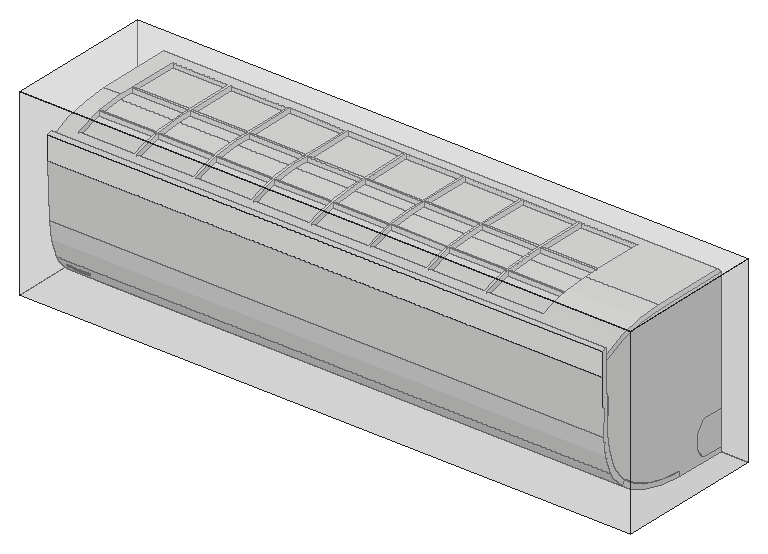
Revit family "outputfile", category 機械設備, Revit 2024 (continued)
Definition of nested family "DAIKIN_indoorunit_CTKM-RVM4"
  Automatic sketch dimensions
    Extrusion 22 sketch curve to Extrusion 22 sketch curve = 20.0 mm  (x2)
    Extrusion 22 sketch curve to level = 287.035 mm
    Extrusion 23 sketch curve to plane 1 "Center (Front/Back)" = 0.0 mm
    Extrusion 23 sketch curve to Extrusion 23 sketch curve = 20.0 mm  (x2)
    Extrusion 23 sketch curve to level = 287.035 mm
    plane 1 "Center (Front/Back)" to Extrusion 24 sketch curve = 0.0 mm  (x2)
    plane 3 "Center (Left/Right)" to Extrusion 24 sketch curve = 469.0 mm
    Extrusion 24 sketch curve to Extrusion 24 sketch curve = 20.0 mm  (x4)
    Extrusion 24 sketch curve to plane 3 "Center (Left/Right)" = 409.0 mm
  Nested families
    nested 1: "daikin_logo_plane_w40" at (-320, -198.871, -233.244) x (1, 0, 0) z (0, -0.7841, -0.6206), visible <- "switch_unit1_25-35", type "daikin_logo_plane_w40"
      with show_logo yes
    nested 2: "daikin_logo_plane_w40" at (-430, -237.74, -233.244) x (1, 0, 0) z (0, -0.7841, -0.6206), visible <- "switch_unit1_50-60", type "daikin_logo_plane_w40"
      with show_logo yes
  Definition of nested family "daikin_logo_plane_w40"
    Parameters (values of type "daikin_logo_plane_w40")
      width = 40.0 mm
      show_logo [instance] = yes
      material = none
      height = 0.0 mm
      depth = 0.0 mm
      Default Elevation = 1219.2 mm
    Reference planes
      plane 1 "Center (Front/Back)": y = 0
      plane 2: z = 0
      plane 3 "Center (Left/Right)": x = 0
      plane 4: z = 2
      plane 5 "left": x = -19
      plane 6: x = 19
    Forms (mm)
      Extrusion 1, solid, visible <- "show_logo"
        sketch origin (-19, 0, 0) x (1, 0, 0) y (0, 1, 0)
          loop
            line (8.902, -1.878) -> (7.789, -6.332) -> (11.13, -6.332)
            arc (11.13, -6.332) -> (12.454, -6.064) -> (13.472, -5.176) r 2.642
            arc (13.472, -5.176) -> (13.92, -4.02) -> (13.767, -2.79) r 2.537
            arc (13.767, -2.79) -> (13.452, -2.342) -> (12.982, -2.06) r 1.321
            arc (12.982, -2.06) -> (12.063, -1.902) -> (11.13, -1.878) r 6.479
            line (11.13, -1.878) -> (8.902, -1.878)
          loop
            line (10.016, -5.441) -> (10.907, -5.441)
            arc (10.907, -5.441) -> (11.591, -4.983) -> (11.988, -4.261) r 1.742
            spline (11.988, -4.261) -> (12.01, -4.155) -> (12.027, -4.03) -> (12.037, -3.893) -> (12.037, -3.747) -> (12.026, -3.598) -> (12.002, -3.451) -> (11.962, -3.31) -> (11.905, -3.181) -> (11.829, -3.069) -> (11.731, -2.978) -> (11.61, -2.913) -> (11.464, -2.88)
            line (11.464, -2.88) -> (10.573, -2.88) -> (10.016, -5.441)
          loop
            line (13.58, -6.332) -> (14.805, -6.332) -> (15.223, -5.553) -> (16.977, -5.553) -> (17.144, -6.332) -> (19.149, -6.332) -> (18.258, -1.878) -> (16.03, -1.878) -> (13.58, -6.332)
          loop
            line (16.476, -3.214) -> (15.76, -4.551) -> (16.762, -4.551) -> (16.476, -3.214)
          loop
            line (19.705, -6.332) -> (21.599, -6.332) -> (22.712, -1.878) -> (20.819, -1.878) -> (19.705, -6.332)
          loop
            line (22.712, -6.332) -> (24.606, -6.332) -> (24.908, -5.122) -> (25.831, -6.332) -> (28.17, -6.332) -> (26.388, -3.994) -> (28.949, -1.878) -> (26.945, -1.878) -> (25.401, -3.153) -> (25.719, -1.878) -> (23.826, -1.878) -> (22.712, -6.332)
          loop
            line (29.84, -1.878) -> (28.615, -6.332) -> (30.62, -6.332) -> (31.734, -1.878) -> (29.84, -1.878)
          loop
            line (31.734, -6.332) -> (33.07, -6.332) -> (33.7, -3.814) -> (34.518, -6.332) -> (36.745, -6.332) -> (37.859, -1.878) -> (36.523, -1.878) -> (35.845, -4.589) -> (34.963, -1.878) -> (32.847, -1.878) -> (31.734, -6.332)
        from 0 to 2
      Extrusion 2, solid, visible <- "show_logo"
        sketch origin (-19, 0, 0) x (1, 0, 0) y (0, 1, 0)
          loop
            line (8.7, 0) -> (4.235, 0) -> (0, -3.879) -> (0, -8) -> (8.7, 0)
        from 0 to 2
      Extrusion 3, solid, visible <- "show_logo"
        sketch origin (-19, 0, 0) x (1, 0, 0) y (0, 1, 0)
          loop
            line (0, 0) -> (0, -3.879) -> (4.235, 0) -> (0, 0)
        from 0 to 2
    Dimensions and locks
      plane 4 to plane 2 = 2.0 mm
      equal spacing: plane 5 "left", plane 3 "Center (Left/Right)", plane 6
      locked: plane 5 "left" to plane 6 at 38
      aligned and locked: level to plane 2
      aligned and locked: Extrusion 3 to plane 1 "Center (Front/Back)"  (x2)
      aligned and locked: Extrusion 2 to plane 1 "Center (Front/Back)"  (x2)
      aligned and locked: plane 4 to Extrusion 1
      aligned and locked: plane 4 to Extrusion 3
      aligned and locked: plane 4 to Extrusion 2
      aligned and locked: Extrusion 3 to plane 5 "left"
      aligned and locked: Extrusion 2 to plane 5 "left"
    Automatic sketch dimensions
      Extrusion 1 sketch curve to Extrusion 1 sketch curve = 0.901 mm
      Extrusion 1 sketch curve to Extrusion 1 sketch curve = 1.559 mm
      Extrusion 1 sketch curve to Extrusion 1 sketch curve = 1.327 mm
      Extrusion 1 sketch curve to Extrusion 1 sketch curve = 2.145 mm
      Extrusion 1 sketch curve to Extrusion 1 sketch curve = 1.448 mm
      Extrusion 1 sketch curve to Extrusion 1 sketch curve = 2.116 mm
      Extrusion 1 sketch curve to Extrusion 1 sketch curve = 1.114 mm  (x4)
      Extrusion 1 sketch curve to Extrusion 1 sketch curve = 1.336 mm  (x2)
      plane 1 "Center (Front/Back)" to Extrusion 1 sketch curve = 1.878 mm  (x5)
      Extrusion 1 sketch curve to Extrusion 1 sketch curve = 1.893 mm  (x5)
      Extrusion 1 sketch curve to Extrusion 1 sketch curve = 0.891 mm  (x4)
      Extrusion 1 sketch curve to Extrusion 1 sketch curve = 2.005 mm  (x3)
      Extrusion 1 sketch curve to Extrusion 1 sketch curve = 0.445 mm  (x2)
      plane 1 "Center (Front/Back)" to Extrusion 1 sketch curve = 3.994 mm
      Extrusion 1 sketch curve to Extrusion 1 sketch curve = 0.557 mm  (x2)
      Extrusion 1 sketch curve to Extrusion 1 sketch curve = 2.339 mm  (x2)
      Extrusion 1 sketch curve to Extrusion 1 sketch curve = 1.225 mm  (x3)
      plane 1 "Center (Front/Back)" to Extrusion 1 sketch curve = 3.153 mm
      Extrusion 1 sketch curve to Extrusion 1 sketch curve = 0.987 mm
      plane 1 "Center (Front/Back)" to Extrusion 1 sketch curve = 5.122 mm
      Extrusion 1 sketch curve to Extrusion 1 sketch curve = 0.922 mm
      plane 1 "Center (Front/Back)" to Extrusion 1 sketch curve = 6.332 mm
      Extrusion 1 sketch curve to Extrusion 1 sketch curve = 2.562 mm
      plane 1 "Center (Front/Back)" to Extrusion 1 sketch curve = 5.553 mm
      Extrusion 1 sketch curve to Extrusion 1 sketch curve = 0.167 mm
      Extrusion 1 sketch curve to Extrusion 1 sketch curve = 0.215 mm
      plane 1 "Center (Front/Back)" to Extrusion 1 sketch curve = 3.214 mm
      Extrusion 1 sketch curve to Extrusion 1 sketch curve = 0.286 mm
      plane 1 "Center (Front/Back)" to Extrusion 1 sketch curve = 4.551 mm
      Extrusion 1 sketch curve to Extrusion 1 sketch curve = 1.002 mm
      Extrusion 1 sketch curve to Extrusion 1 sketch curve = 0.537 mm
      Extrusion 1 sketch curve to Extrusion 1 sketch curve = 0.418 mm
      Extrusion 1 sketch curve to Extrusion 1 sketch curve = 1.028 mm
      plane 1 "Center (Front/Back)" to Extrusion 1 sketch curve = 4.261 mm
      Extrusion 1 sketch curve to Extrusion 1 sketch curve = 0.563 mm
      plane 1 "Center (Front/Back)" to Extrusion 1 sketch curve = 2.88 mm
      Extrusion 1 sketch curve to Extrusion 1 sketch curve = 1.088 mm
      Extrusion 1 sketch curve to Extrusion 1 sketch curve = 2.152 mm
      Extrusion 1 sketch curve to Extrusion 1 sketch curve = 0.586 mm
      Extrusion 1 sketch curve to Extrusion 1 sketch curve = 0.118 mm
      Extrusion 1 sketch curve to Extrusion 1 sketch curve = 0.298 mm
      Extrusion 1 sketch curve to Extrusion 1 sketch curve = 0.334 mm
      Extrusion 1 sketch curve to Extrusion 1 sketch curve = 0.223 mm
      Extrusion 1 sketch curve to Extrusion 1 sketch curve = 0.266 mm
      Extrusion 1 sketch curve to Extrusion 1 sketch curve = 1.671 mm
      Extrusion 1 sketch curve to Extrusion 1 sketch curve = 2.227 mm
      Extrusion 1 sketch curve to Extrusion 1 sketch curve = 0.0 mm  (x7)
      Extrusion 1 sketch curve to Extrusion 1 sketch curve = 3.453 mm
      Extrusion 1 sketch curve to Extrusion 1 sketch curve = 2.017 mm
      Extrusion 1 sketch curve to Extrusion 1 sketch curve = 0.78 mm  (x2)
      Extrusion 1 sketch curve to Extrusion 1 sketch curve = 1.743 mm
      Extrusion 1 sketch curve to Extrusion 1 sketch curve = 0.775 mm
      Extrusion 1 sketch curve to Extrusion 1 sketch curve = 0.552 mm
      Extrusion 1 sketch curve to Extrusion 1 sketch curve = 0.014 mm
      Extrusion 1 sketch curve to Extrusion 1 sketch curve = 0.952 mm
      Extrusion 1 sketch curve to Extrusion 1 sketch curve = 1.215 mm
      Extrusion 1 sketch curve to Extrusion 1 sketch curve = 0.108 mm
      plane 1 "Center (Front/Back)" to Extrusion 2 sketch curve = 0.0 mm
      Extrusion 2 sketch curve to plane 3 "Center (Left/Right)" = 19.0 mm
      Extrusion 2 sketch curve to plane 3 "Center (Left/Right)" = 14.765 mm
      Extrusion 2 sketch curve to Extrusion 2 sketch curve = 4.465 mm
      plane 1 "Center (Front/Back)" to Extrusion 2 sketch curve = 3.879 mm
      Extrusion 2 sketch curve to Extrusion 2 sketch curve = 4.12 mm
      plane 1 "Center (Front/Back)" to Extrusion 3 sketch curve = 0.0 mm
      Extrusion 3 sketch curve to plane 3 "Center (Left/Right)" = 19.0 mm
      Extrusion 3 sketch curve to plane 3 "Center (Left/Right)" = 14.765 mm
      plane 1 "Center (Front/Back)" to Extrusion 3 sketch curve = 3.879 mm
      Extrusion 1 sketch curve to plane 3 "Center (Left/Right)" = 11.211 mm
      Extrusion 1 sketch curve to Extrusion 1 sketch curve = 1.782 mm
Definition of nested family "daikin_connector_rotate3"
  Parameters (values of type "daikin_connector_rotate3")
    show [instance] = yes
    radius [instance] = 10.0 mm
    length [instance] = 600.0 mm
    angle_horizontal [instance] = 60.00°
    angle_vertical [instance] = 90.00°
    Default Elevation = 1219.2 mm
  Reference planes
    plane 1 "Center (Front/Back)": y = 0
    plane 2: z = 0
    plane 3 "Center (Left/Right)": x = 0
  Dimensions and locks
    "angle_horizontal": angle plane 3 "Center (Left/Right)" to nested 1
    aligned and locked: level to plane 2
    aligned and locked: plane 1 "Center (Front/Back)" to nested 1  (x2)
    aligned and locked: plane 3 "Center (Left/Right)" to nested 1
  Nested families
    nested 1: "daikin_connector_rotate2" at (0, 0, 0) x (0.5, 0.866, 0) z (0, 0, 1), angle_vertical <- "angle_vertical", length <- "length", radius <- "radius", type "daikin_connector_rotate2"
      with radius 10.0 mm, length 600.0 mm, angle_vertical 90.00°
  Definition of nested family "daikin_connector_rotate2"
    Parameters (values of type "daikin_connector_rotate2")
      show_face = yes
      radius [instance] = 10.0 mm
      length [instance] = 600.0 mm
      d_surface = 10.0 mm
      angle_vertical [instance] = 90.00°
      Default Elevation = 0.0 mm
    Reference planes
      plane 1 "Center (Front/Back)": y = 0
      plane 2: z = 0
      plane 3 "Center (Left/Right)": x = 0
    Forms (mm)
      Extrusion 1, solid, visible <- "show_face"
        sketch origin (0, -600, 0) x (1, 0, 0) y (0, 0, 1)
          loop
            circle (0, 0) r 10
        from 0 to -10
    Lines and regions (mm)
      reference lines
        curve 1: line (0, 0, 0) -> (0, -600, 0)
      symbolic lines
        curve 2: circle (0, 0, 0) r 5 normal (0, 0, 1)
      model lines, visible <- "show_face"
        curve 3: line (0, 0, 0) -> (0, -600, 0)
    Dimensions and locks
      "length": curve 1 to curve 1
      "length": curve 3 to curve 3
      "d_surface": Extrusion 1 to Extrusion 1
      "radius": radius of Extrusion 1 sketch curve
      "angle_vertical": angle curve 1 to plane 1 "Center (Front/Back)"
      "angle_vertical": angle curve 3 to plane 1 "Center (Front/Back)"
      aligned and locked: level to plane 2
      aligned and locked: plane 1 "Center (Front/Back)" to curve 1
      aligned and locked: plane 2 to curve 1
      aligned and locked: plane 1 "Center (Front/Back)" to curve 2
      aligned and locked: plane 3 "Center (Left/Right)" to curve 2
      aligned and locked: plane 1 "Center (Front/Back)" to curve 3
      aligned and locked: plane 2 to curve 3
      aligned and locked: Extrusion 1 to Extrusion 1
    Automatic sketch dimensions
      Extrusion 1 sketch curve to level = 0.0 mm
      Extrusion 1 sketch curve to plane 3 "Center (Left/Right)" = 0.0 mm
      radius of curve 2 = 5.0 mm
